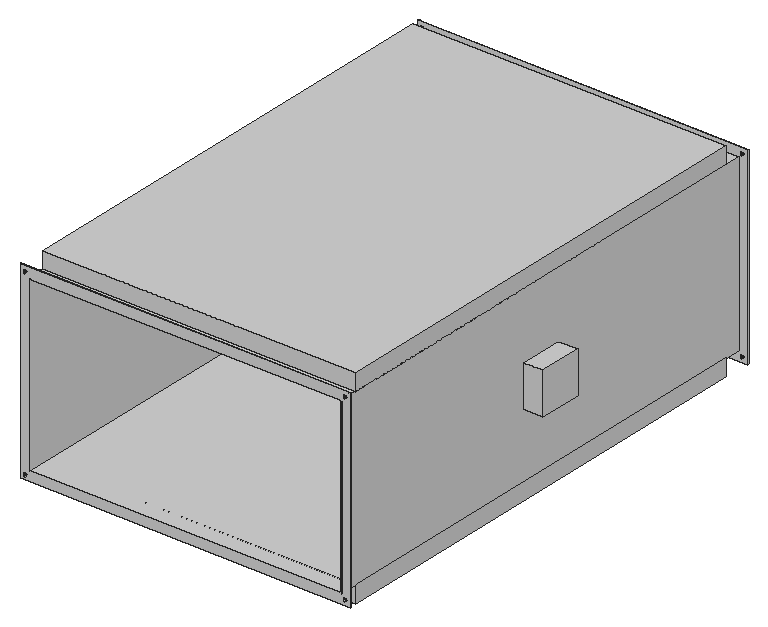
Revit family "НЕВАТОМ_Секция бактерицидная SUB_20220407", category Арматура воздуховодов, Revit 2017
Family settings
  Размер круглого соединителя = Использовать диаметр
  Тип детали = Вставляется
  На основе рабочей плоскости = Нет
  Всегда вертикально = Нет
  При загрузке вырезать с полостями = Нет
  Общий = Нет
Parameters (values of type "SUB-900х500-8")
  Толщина крышки = 50 mm  # constant formula
  Материал корпуса = Материал корпуса
  t = 2 mm  # constant formula
  Nevatom_Частотный преобразователь = ""
  Nevatom_Регулятор расхода = ""
  Nevatom_URL = "https://t.me/NEVATOM_Bim_bot"
  Nevatom_ Для задания электроснабжения = ""
  M = 11 mm
  L = 1440 mm  # constant formula
  F = 527 mm
  E = 927 mm
  D = 557 mm
  ADSK_Размер_Ширина = L  # 1440 mm
  ADSK_Размер_Длина = C  # 957 mm
  ADSK_Размер_Высота = D  # 557 mm
  ADSK_Материал наименование = "Оцинкованная сталь"  # constant formula
  A = 900 mm
  C = 957 mm
  B = 500 mm
  ADSK_Ток = 0 A
  ADSK_Полная мощность = 0.6 kW
  ADSK_Напряжение = 230 V  # constant formula
  ADSK_Расход воздуха = 6500.0 m³/h
  ADSK_Примечание = ""
  ADSK_Потеря давления воздуха = 0.0 Pa
  ADSK_Позиция = ""
  ADSK_Наименование = "Секции ультрафиолетовой бактерицидной обработки (SUB)"  # constant formula
  ADSK_Масса_Текст = "44.0 кг"
  ADSK_Масса = 44
  ADSK_Марка = "900х500-8"
  ADSK_Код изделия = ""
  ADSK_Завод-изготовитель = "NEVATOM"
  ADSK_Единица измерения = "шт."
Types (49, lengths in mm): name | M | F | E | D | ADSK_Размер_Длина | ADSK_Размер_Высота | A | C | B | ADSK_Полная мощность | ADSK_Расход воздуха | ADSK_Масса_Текст | ADSK_Масса | ADSK_Марка | ADSK_Единица измерения
  (no name) | 11 | 527 | 927 | 557 | 957 | 557 | 900 | 957 | 500 | 0.6 kW | 6500.0 m³/h | "44.0 кг" | 44 | "900х500-8" | "шт."
  SUB-400х200-2 | 9 | 223 | 423 | 250 | 450 | 250 | 400 | 450 | 200 | 0.15 kW | 1152.0 m³/h | "17.0 кг" | 17 | "400х200-2" | "шт."
  SUB-400х200-4 | 9 | 223 | 423 | 250 | 450 | 250 | 400 | 450 | 200 | 0.3 kW | 1152.0 m³/h | "20.0 кг" | 20 | "400х200-4" | "шт."
  SUB-400х200-6 | 9 | 223 | 423 | 250 | 450 | 250 | 400 | 450 | 200 | 0.45 kW | 1152.0 m³/h | "22.0 кг" | 22 | "400х200-6" | "шт."
  SUB-400х200-8 | 9 | 223 | 423 | 250 | 450 | 250 | 400 | 450 | 200 | 0.6 kW | 1152.0 m³/h | "25.0 кг" | 25 | "400х200-8" | "шт."
  SUB-500х250-2 | 9 | 273 | 523 | 300 | 550 | 300 | 500 | 550 | 250 | 0.15 kW | 1800.0 m³/h | "21.0 кг" | 21 | "500х250-2" | "шт."
  SUB-500х250-4 | 9 | 273 | 523 | 300 | 550 | 300 | 500 | 550 | 250 | 0.3 kW | 1800.0 m³/h | "23.0 кг" | 23 | "500х250-4" | "шт."
  SUB-500х250-6 | 9 | 273 | 523 | 300 | 550 | 300 | 500 | 550 | 250 | 0.45 kW | 1800.0 m³/h | "25.0 кг" | 25 | "500х250-6" | "шт."
  SUB-500х250-8 | 9 | 273 | 523 | 300 | 550 | 300 | 500 | 550 | 250 | 0.6 kW | 1800.0 m³/h | "28.0 кг" | 28 | "500х250-8" | "шт."
  SUB-500х250-10 | 9 | 273 | 523 | 300 | 550 | 300 | 500 | 550 | 250 | 0.75 kW | 1800.0 m³/h | "30.0 кг" | 30 | "500х250-10" | "шт."
  SUB-500х250-12 | 9 | 273 | 523 | 300 | 550 | 300 | 500 | 550 | 250 | 0.9 kW | 1800.0 m³/h | "33.0 кг" | 33 | "500х250-12" | "шт."
  SUB-500х300-4 | 9 | 323 | 523 | 350 | 550 | 350 | 500 | 550 | 300 | 0.3 kW | 2150.0 m³/h | "24.0 кг" | 24 | "500х300-4" | "шт."
  SUB-500х300-6 | 9 | 323 | 523 | 350 | 550 | 350 | 500 | 550 | 300 | 0.45 kW | 2150.0 m³/h | "27.0 кг" | 27 | "500х300-6" | "шт."
  SUB-500х300-8 | 9 | 323 | 523 | 350 | 550 | 350 | 500 | 550 | 300 | 0.6 kW | 2150.0 m³/h | "29.0 кг" | 29 | "500х300-8" | "шт."
  SUB-500х300-10 | 9 | 323 | 523 | 350 | 550 | 350 | 500 | 550 | 300 | 0.75 kW | 2150.0 m³/h | "31.0 кг" | 31 | "500х300-10" | "шт."
  SUB-500х300-12 | 9 | 323 | 523 | 350 | 550 | 350 | 500 | 550 | 300 | 0.9 kW | 2150.0 m³/h | "34.0 кг" | 34 | "500х300-12" | "шт."
  SUB-600х300-4 | 9 | 323 | 623 | 350 | 650 | 350 | 600 | 650 | 300 | 0.3 kW | 2600.0 m³/h | "28.0 кг" | 28 | "600х300-4" | "шт."
  SUB-600х300-6 | 9 | 323 | 623 | 350 | 650 | 350 | 600 | 650 | 300 | 0.45 kW | 2600.0 m³/h | "29.0 кг" | 29 | "600х300-6" | "шт."
  SUB-600х300-8 | 9 | 323 | 623 | 350 | 650 | 350 | 600 | 650 | 300 | 0.6 kW | 2600.0 m³/h | "30.0 кг" | 30 | "600х300-8" | "шт."
  SUB-600х300-10 | 9 | 323 | 623 | 350 | 650 | 350 | 600 | 650 | 300 | 0.75 kW | 2600.0 m³/h | "31.0 кг" | 31 | "600х300-10" | "шт."
  SUB-600х300-12 | 9 | 323 | 623 | 350 | 650 | 350 | 600 | 650 | 300 | 0.9 kW | 2600.0 m³/h | "32.0 кг" | 32 | "600х300-12" | "шт."
  SUB-600х300-14 | 9 | 323 | 623 | 350 | 650 | 350 | 600 | 650 | 300 | 1.05 kW | 2600.0 m³/h | "33.0 кг" | 33 | "600х300-14" | "шт."
  SUB-600х350-4 | 9 | 373 | 623 | 400 | 650 | 400 | 600 | 650 | 350 | 0.3 kW | 3000.0 m³/h | "29.0 кг" | 29 | "600х350-4" | "шт."
  SUB-600х350-6 | 9 | 373 | 623 | 400 | 650 | 400 | 600 | 650 | 350 | 0.45 kW | 3000.0 m³/h | "кг" | 31 | "600х350-6" | "31.0 шт."
  SUB-600х350-8 | 9 | 373 | 623 | 400 | 650 | 400 | 600 | 650 | 350 | 0.6 kW | 3000.0 m³/h | "33.0 кг" | 33 | "600х350-8" | "шт."
  SUB-600х350-10 | 9 | 373 | 623 | 400 | 650 | 400 | 600 | 650 | 350 | 0.75 kW | 3000.0 m³/h | "36.0 кг" | 36 | "600х350-10" | "шт."
  SUB-600х350-12 | 9 | 373 | 623 | 400 | 650 | 400 | 600 | 650 | 350 | 0.9 kW | 3000.0 m³/h | "39.0 кг" | 39 | "600х350-12" | "шт."
  SUB-600х350-14 | 9 | 373 | 623 | 400 | 650 | 400 | 600 | 650 | 350 | 1.05 kW | 3000.0 m³/h | "41.0 кг" | 41 | "600х350-14" | "шт."
  SUB-700х400-6 | 11 | 427 | 727 | 457 | 757 | 457 | 700 | 757 | 400 | 0.45 kW | 4000.0 m³/h | "34.0 кг" | 34 | "700х400-6" | "шт."
  SUB-700х400-10 | 11 | 427 | 727 | 457 | 757 | 457 | 700 | 757 | 400 | 0.75 kW | 4000.0 m³/h | "39.0 кг" | 39 | "700х400-10" | "шт."
  SUB-700х400-12 | 11 | 427 | 727 | 457 | 757 | 457 | 700 | 757 | 400 | 0.9 kW | 4000.0 m³/h | "41.0 кг" | 41 | "700х400-12" | "шт."
  SUB-700х400-14 | 11 | 427 | 727 | 457 | 757 | 457 | 700 | 757 | 400 | 1.05 kW | 4000.0 m³/h | "44.0 кг" | 44 | "700х400-14" | "шт."
  SUB-700х400-18 | 11 | 427 | 727 | 457 | 757 | 457 | 700 | 757 | 400 | 1.35 kW | 4000.0 m³/h | "48.0 кг" | 48 | "700х400-18" | "шт."
  SUB-800х500-8 | 11 | 527 | 827 | 557 | 857 | 557 | 800 | 857 | 500 | 0.6 kW | 5700.0 m³/h | "41.0 кг" | 41 | "800х500-8" | "шт."
  SUB-800х500-10 | 11 | 527 | 827 | 557 | 857 | 557 | 800 | 857 | 500 | 0.75 kW | 5700.0 m³/h | "44.0 кг" | 44 | "800х500-10" | "шт."
  SUB-800х500-14 | 11 | 527 | 827 | 557 | 857 | 557 | 800 | 857 | 500 | 1.05 kW | 5700.0 m³/h | "49.0 кг" | 49 | "800х500-14" | "шт."
  SUB-800х500-18 | 11 | 527 | 827 | 557 | 857 | 557 | 800 | 857 | 500 | 1.35 kW | 5700.0 m³/h | "54.0 кг" | 54 | "800х500-18" | "шт."
  SUB-800х500-20 | 11 | 527 | 827 | 557 | 857 | 557 | 800 | 857 | 500 | 1.5 kW | 5700.0 m³/h | "56.0 кг" | 56 | "800х500-20" | "шт."
  SUB-800х500-24 | 11 | 527 | 827 | 557 | 857 | 557 | 800 | 857 | 500 | 1.8 kW | 5700.0 m³/h | "61.0 кг" | 61 | "800х500-24" | "шт."
  SUB-900х500-8 | 11 | 527 | 927 | 557 | 957 | 557 | 900 | 957 | 500 | 0.6 kW | 6500.0 m³/h | "44.0 кг" | 44 | "900х500-8" | "шт."
  SUB-900х500-14 | 11 | 527 | 927 | 557 | 957 | 557 | 900 | 957 | 500 | 1.05 kW | 6500.0 m³/h | "51.0 кг" | 51 | "900х500-14" | "шт."
  SUB-900х500-18 | 11 | 527 | 927 | 557 | 957 | 557 | 900 | 957 | 500 | 1.35 kW | 6500.0 m³/h | "56.0 кг" | 56 | "900х500-18" | "шт."
  SUB-900х500-20 | 11 | 527 | 927 | 557 | 957 | 557 | 900 | 957 | 500 | 1.5 kW | 6500.0 m³/h | "60.0 кг" | 60 | "900х500-20" | "шт."
  SUB-900х500-24 | 11 | 527 | 927 | 557 | 957 | 557 | 900 | 957 | 500 | 1.8 kW | 6500.0 m³/h | "63.0 кг" | 63 | "900х500-24" | "шт."
  SUB-1000х500-10 | 11 | 527 | 1027 | 557 | 1057 | 557 | 1000 | 1057 | 500 | 0.75 kW | 7200.0 m³/h | "48.0 кг" | 48 | "1000х500-10" | "шт."
  SUB-1000х500-14 | 11 | 527 | 1027 | 557 | 1057 | 557 | 1000 | 1057 | 500 | 1.05 kW | 7200.0 m³/h | "53.0 кг" | 53 | "1000х500-14" | "шт."
  SUB-1000х500-18 | 11 | 527 | 1027 | 557 | 1057 | 557 | 1000 | 1057 | 500 | 1.35 kW | 7200.0 m³/h | "58.0 кг" | 58 | "1000х500-18" | "шт."
  SUB-1000х500-20 | 11 | 527 | 1027 | 557 | 1057 | 557 | 1000 | 1057 | 500 | 1.5 kW | 7200.0 m³/h | "60 кг" | 60 | "1000х500-20" | "шт."
  SUB-1000х500-24 | 11 | 527 | 1027 | 557 | 1057 | 557 | 1000 | 1057 | 500 | 1.8 kW | 7200.0 m³/h | "65.0 кг" | 65 | "1000х500-24" | "шт."
Reference planes
  plane 1 "По центру (Вперед/Назад)": y = 0
  plane 2: z = 0
  plane 3 "По центру (Влево/Вправо)": x = 0
  plane 4: z = 250
  plane 5: z = -250
  plane 6: x = 450
  plane 7: x = -450
  plane 8: z = 278.5
  plane 9: z = -278.5
  plane 10: x = 478.5
  plane 11: x = -478.5
  plane 12: z = -263.5
  plane 13: z = 263.5
  plane 14: x = 463.5
  plane 15: x = -463.5
  plane 16: y = -720
  plane 17: y = 720
Forms (mm)
  Extrusion 1, solid, material "Материал корпуса"
    sketch origin (0, 0, 0) x (1, 0, 0) y (0, 0, 1)
      loop
        line (-450, 250) -> (-450, -250) -> (450, -250) -> (450, 250) -> (-450, 250)
      loop
        line (-452, 252) -> (-452, -252) -> (452, -252) -> (452, 252) -> (-452, 252)
    from -720 to 720
  Extrusion 2, solid, material "Материал корпуса"
    sketch origin (0, 0, 0) x (1, 0, 0) y (0, 0, 1)
      loop
        line (-478.5, 278.5) -> (-478.5, -278.5) -> (478.5, -278.5) -> (478.5, 278.5) -> (-478.5, 278.5)
      loop
        line (-450, 250) -> (-450, -250) -> (450, -250) -> (450, 250) -> (-450, 250)
    from 718 to 720
  Extrusion 3, solid, material "Материал корпуса"
    sketch origin (0, 0, 0) x (1, 0, 0) y (0, 0, -1)
      loop
        line (-478.5, -278.5) -> (478.5, -278.5) -> (478.5, 278.5) -> (-478.5, 278.5) -> (-478.5, -278.5)
      loop
        line (-450, -250) -> (450, -250) -> (450, 250) -> (-450, 250) -> (-450, -250)
    from 718 to 720
  Extrusion 4, solid, material "Материал корпуса"
    sketch origin (0, 0, 0) x (1, 0, 0) y (0, 1, 0)
      loop
        line (-452, 670) -> (-452, -670) -> (452, -670) -> (452, 670) -> (-452, 670)
    from 250 to 300
  Extrusion 5, solid, material "Материал корпуса"
    sketch origin (0, 0, -645) x (1, 0, 0) y (0, 1, 0)
      loop
        line (-452, 670) -> (-452, -670) -> (452, -670) -> (452, 670) -> (-452, 670)
    from 345 to 395
  Extrusion 6, void
    sketch origin (0, 0, 0) x (1, 0, 0) y (0, 0, 1)
      loop
        circle (463.5, 263.5) r 5.5
    from -720 to 720
  Extrusion 7, void
    sketch origin (0, 0, 0) x (1, 0, 0) y (0, 0, 1)
      loop
        circle (463.5, -263.5) r 5.5
      loop
        circle (-463.5, -263.5) r 5.5
      loop
        circle (-463.5, 263.5) r 5.5
    from -720 to 720
  Extrusion 8, solid, material "Материал корпуса"
    sketch origin (0, 0, 0) x (1, 0, 0) y (0, 1, 0)
      loop
        line (450, 61.964) -> (450, -61.964) -> (510, -61.964) -> (510, 61.964) -> (450, 61.964)
    from -60 to 60
Cuts and joins
  Extrusion 6, Extrusion 7 cuts Extrusion 2
  Extrusion 6, Extrusion 7 cuts Extrusion 3
  joined: Extrusion 1, Extrusion 2, Extrusion 3, Extrusion 8
Dimensions and locks
  equal spacing: plane 6, plane 3 "По центру (Влево/Вправо)", plane 7
  "A": plane 6 to plane 7
  equal spacing: plane 4, level, plane 5
  "B": plane 4 to plane 5
  equal spacing: plane 10, plane 3 "По центру (Влево/Вправо)", plane 11
  "C": plane 10 to plane 11
  equal spacing: plane 8, level, plane 9
  "D": plane 8 to plane 9
  equal spacing: plane 14, plane 3 "По центру (Влево/Вправо)", plane 15
  "E": plane 14 to plane 15
  equal spacing: plane 13, level, plane 12
  "F": plane 13 to plane 12
  equal spacing: plane 17, plane 1 "По центру (Вперед/Назад)", plane 16
  "L": plane 17 to plane 16
  "t": Extrusion 1 sketch curve to plane 6
  "t": plane 5 to Extrusion 1 sketch curve
  "t": plane 7 to Extrusion 1 sketch curve
  "t": Extrusion 1 sketch curve to plane 4
  "t": Extrusion 2 to plane 16
  "t": plane 17 to Extrusion 3
  locked: Extrusion 4 sketch curve to plane 16 at 50
  locked: plane 17 to Extrusion 4 sketch curve at 50
  "Толщина крышки": Extrusion 4 to plane 4
  "Толщина крышки": plane 5 to Extrusion 5
  locked: cut or joined group of Extrusion 1, Extrusion 2, Extrusion 3, Extrusion 6, Extrusion 7, Extrusion 8 to Extrusion 8 sketch curve at 60
  equal spacing: Extrusion 8 sketch curve, plane 1 "По центру (Вперед/Назад)", Extrusion 8 sketch curve
  locked: Extrusion 8 sketch curve to Extrusion 8 sketch curve at 123.929
  locked: Extrusion 8 to level at 60
  locked: level to Extrusion 8 at 60
  "M": diameter of Extrusion 6 sketch curve
  "M": diameter of Extrusion 7 sketch curve  (x3)
  aligned and locked: level to plane 2
  aligned and locked: Extrusion 1 sketch curve to plane 4
  aligned and locked: plane 7 to Extrusion 1 sketch curve
  aligned and locked: plane 5 to Extrusion 1 sketch curve
  aligned and locked: Extrusion 1 sketch curve to plane 6
  aligned and locked: plane 17 to Extrusion 1
  aligned and locked: Extrusion 1 to plane 16
  aligned and locked: Extrusion 2 sketch curve to plane 8
  aligned and locked: plane 11 to Extrusion 2 sketch curve
  aligned and locked: plane 9 to Extrusion 2 sketch curve
  aligned and locked: Extrusion 2 sketch curve to plane 10
  aligned and locked: Extrusion 2 sketch curve to Extrusion 1  (x4)
  aligned and locked: plane 17 to Extrusion 3
  aligned and locked: Extrusion 2 to plane 16
  aligned and locked: Extrusion 4 sketch curve to Extrusion 1  (x2)
  aligned and locked: Extrusion 1 to Extrusion 4
  aligned and locked: Extrusion 4 to Extrusion 1
  aligned and locked: Extrusion 5 to Extrusion 1
  aligned and locked: Extrusion 1 to Extrusion 5
  aligned and locked: plane 5 to Extrusion 5
  aligned and locked: Extrusion 4 to plane 4
  aligned and locked: plane 13 to Extrusion 6 sketch curve
  aligned and locked: plane 14 to Extrusion 6 sketch curve
  aligned and locked: plane 17 to Extrusion 6
  aligned and locked: Extrusion 6 to plane 16
  aligned and locked: plane 13 to Extrusion 7 sketch curve
  aligned and locked: plane 15 to Extrusion 7 sketch curve  (x2)
  aligned and locked: plane 12 to Extrusion 7 sketch curve  (x2)
  aligned and locked: plane 14 to Extrusion 7 sketch curve
  aligned and locked: plane 17 to Extrusion 7
  aligned and locked: Extrusion 7 to plane 16
  aligned and locked: nested 1 to Extrusion 4  (x2)
  aligned and locked: Extrusion 4 to nested 1
Automatic sketch dimensions
  Extrusion 3 sketch curve to plane 9 = 0 mm
  Extrusion 3 sketch curve to plane 11 = 0 mm
  Extrusion 3 sketch curve to plane 4 = 0 mm
  Extrusion 3 sketch curve to plane 7 = 0 mm
  Extrusion 3 sketch curve to plane 6 = 0 mm
  Extrusion 3 sketch curve to plane 8 = 0 mm
  Extrusion 3 sketch curve to plane 10 = 0 mm
  Extrusion 3 sketch curve to plane 5 = 0 mm
  Extrusion 5 sketch curve to plane 7 = 2 mm
  plane 6 to Extrusion 5 sketch curve = 2 mm
  plane 16 to Extrusion 5 sketch curve = 50 mm
  Extrusion 5 sketch curve to plane 17 = 50 mm
  Extrusion 8 sketch curve to plane 6 = 0 mm
Nested families
  nested 1: "НЕВАТОМ_QR-AxB" at (352, -570, 300), type "Nevatom_Logo_200x200", not visible
Connectors
  hvac at (0, -718, 0), driven by "B", driven by "A"
    settings: on cut or joined group of Extrusion 1, Extrusion 2, Extrusion 3, Extrusion 6, Extrusion 7, Extrusion 8, index 1, duct flow 0.0 m³/h, flow factor 0, pres drop 0.0 Pa, loss coef 0, conn angle 0.00°, conn width 900 mm, conn height 500 mm, conn diameter 609.6 mm, duct sys type 28, conn prof type 1, flow config 0, flow direction 0, loss method 0, conn ref index 2, conn util no, is conn primary yes, conn desc ""
  hvac at (0, 718, 0), driven by "B", driven by "A"
    settings: on cut or joined group of Extrusion 1, Extrusion 2, Extrusion 3, Extrusion 6, Extrusion 7, Extrusion 8, index 2, duct flow 0.0 m³/h, flow factor 0, pres drop 0.0 Pa, loss coef 0, conn angle 0.00°, conn width 900 mm, conn height 500 mm, conn diameter 609.6 mm, duct sys type 28, conn prof type 1, flow config 0, flow direction 0, loss method 0, conn ref index 1, conn util no, is conn primary no, conn desc ""
Definition of nested family "НЕВАТОМ_QR-AxB"
  Parameters (values of type "Nevatom_Logo_25x25")
    Logo_Image = none
    L = 2 mm
    B = A  # 25 mm
    A = 25 mm
  Types (5, lengths in mm): name | B | A
    (no name) | 25 | 25
    Nevatom_Logo_200x200 | 200 | 200
    Nevatom_Logo_100x100 | 100 | 100
    Nevatom_Logo_50x50 | 50 | 50
    Nevatom_Logo_25x25 | 25 | 25
  Reference planes
    plane 1 "По центру (Вперед/Назад)": y = 0
    plane 2: z = 0
    plane 3 "По центру (Влево/Вправо)": x = 0
    plane 4: x = -12.5
    plane 5: x = 12.5
    plane 6: y = 12.5
    plane 7: y = -12.5
  Forms (mm)
    Extrusion 1, solid, material <- "Logo_Image"
      sketch origin (0, 0, 0) x (1, 0, 0) y (0, 1, 0)
        loop
          line (-12.5, 12.5) -> (-12.5, -12.5) -> (12.5, -12.5) -> (12.5, 12.5) -> (-12.5, 12.5)
      from 0 to 2 <- "L"
  Lines and regions (mm)
    reference lines
      curve 1: line (-12.5, 12.5, 0) -> (12.5, 12.5, 0)
      curve 2: line (12.5, 12.5, 0) -> (12.5, -12.5, 0)
      curve 3: line (12.5, -12.5, 0) -> (-12.5, -12.5, 0)
      curve 4: line (-12.5, -12.5, 0) -> (-12.5, 12.5, 0)
  Dimensions and locks
    equal spacing: plane 4, plane 3 "По центру (Влево/Вправо)", plane 5
    "A": plane 4 to plane 5
    equal spacing: plane 6, plane 1 "По центру (Вперед/Назад)", plane 7
    "B": plane 6 to plane 7
    aligned and locked: level to plane 2
    aligned and locked: plane 6 to curve 1
    aligned and locked: plane 4 to curve 4
    aligned and locked: plane 5 to curve 2
    aligned and locked: plane 7 to curve 3
    aligned and locked: Extrusion 1 sketch curve to curve 1
    aligned and locked: Extrusion 1 sketch curve to curve 4
    aligned and locked: Extrusion 1 sketch curve to curve 3
    aligned and locked: Extrusion 1 sketch curve to curve 2
